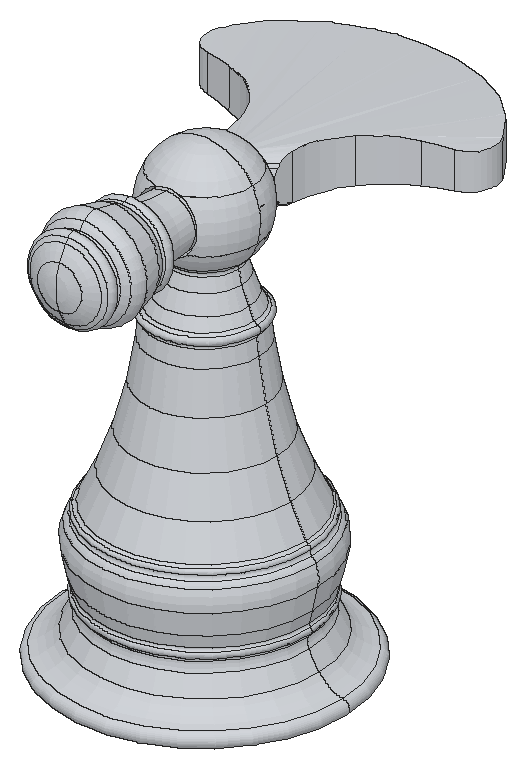
Revit family "Accessory-Robe_Hook-KOHLER-REVIVAL-K-16146T_1", category Specialty Equipment, host Face, Revit 2017
Family settings
  Host = Face
  Round Connector Dimension = Use Diameter
  Part Type = Normal
  OmniClass Number = 23.31.25.27
  OmniClass Title = Robe Hooks
  Cut with Voids When Loaded = No
  Shared = No
  Room Calculation Point = No
Parameters (values of type "CP-Polished Chrome")
  Width = 2 73/256"  # constant formula
  WaterSense Certified = 1 = 0  # no
  URL = "http://www.kohler.com.cn/"
  Type = 1
  Product Page URL = "https://www.kohler.com.cn/product/K-16146T-CP/K-16146T-CP/"
  Product Name = "REVIVAL"  # constant formula
  Product Documentation Link = "https://files.kohler.com.cn/pdfs/k_16140t_116152t_revival.pdf"
  Model = if(Type = 1, "K-16146T-CP", if(Type = 2, "K-16146T-AF ", "NA"))  # "K-16146T-CP"
  Material = "Brass Construction"  # constant formula
  Master Format 2014 Name = "Toilet, Bath, and Laundry Accessories"  # constant formula
  Master Format 2014 = "10 28 00"  # constant formula
  Manufacturer Address = "158 Jiangchang 3rd Road Zhabei District Shanghai, 200436 China"  # constant formula
  Manufacturer = "KOHLER Co."  # constant formula
  Length = 3 23/32"  # constant formula
  Height = 3 41/64"  # constant formula
  Finish = Kohler-Metal-CP-Polished_Chrome
  Environmental Product Declaration = ""
  Description = "Hook"  # constant formula
  Default Elevation = 42"
  Declare Label = ""
  Date Modified = "06/17/2020"  # constant formula
  Date Created = "06/17/2020"  # constant formula
  Copyright = "Copyright KOHLER Co."  # constant formula
  Contact Us = "http://www.kohler.com.cn/en/contact/contact-us/"
  Assembly Code = "C1030200"
  ADA Compliant = 1 = 0  # no
Types (3): name | Type | Product Page URL | Model | Finish
  (no name) | 1 | "https://www.kohler.com.cn/product/K-16146T-CP/K-16146T-CP/" | "K-16146T-CP" | Kohler-Metal-CP-Polished_Chrome
  CP-Polished Chrome | 1 | "https://www.kohler.com.cn/product/K-16146T-CP/K-16146T-CP/" | "K-16146T-CP" | Kohler-Metal-CP-Polished_Chrome
  AF-Flange Gold | 2 | "https://www.kohler.com.cn/product/K-16146T-CP/K-16146T-AF/" | "K-16146T-AF " | Kohler-Metal-AF-Flange_Gold
Reference planes (in)
  plane 1 "Center (Front/Back)": y = 0
  plane 2: z = 0
  plane 3 "Center (Left/Right)": x = 0
  plane 4: y = 2.18898
  plane 5: x = -1.14173
  plane 6: x = 1.14342
  plane 7: y = 1.14173
  plane 8: y = -1.14173
  plane 9: y = -1.45165
  plane 10: z = 3.27953
  plane 11: z = 3.71875
  plane 12: z = 2.84031
  plane 13: z = 0.12
Dimensions and locks (in)
  plane 1 "Center (Front/Back)" to plane 4 = 2.18898"
  "Height": plane 4 to plane 9
  "Width": plane 5 to plane 6
  "Length": plane 11 to level
  locked: plane 8 to plane 7 at 2.28346
  aligned and locked: plane 2 to host face
  aligned and locked: level to host face
  aligned and locked: plane 3 "Center (Left/Right)" to nested 1
  aligned and locked: plane 1 "Center (Front/Back)" to nested 1
Automatic sketch dimensions
  host sketch curve to host sketch curve = 96"  (x2)
Nested families (in)
  nested 1: "K-16146T" at (0, 0, 0), type "K-16146T"
Definition of nested family "K-16146T"
  Parameters (values of type "K-16146T")
    Material = none
  Reference planes (in)
    plane 1 "Center (Front/Back)": y = 0
    plane 2: z = 0
    plane 3 "Center (Left/Right)": x = 0
    plane 4: z = 3.72047
    plane 5: y = 2.18898
    plane 6: y = -1.45276
    plane 7: z = 3.27953
    plane 8: y = 1.14173
    plane 9: y = -1.14173
    plane 10: x = 1.14173
    plane 11: x = -1.14173
  Forms (in)
    Revolve 1, solid, material <- "Material", detail levels medium+fine
      sketch origin (0, 0, 0) x (1, 0, 0) y (0, 0, 1)
        loop
          line (0, 0) -> (0, 3.72047)
          arc (0, 3.72047) -> (-0.21858, 3.66205) -> (-0.37887, 3.50235) r 0.4381
          arc (-0.37887, 3.50235) -> (-0.4418, 3.30839) -> (-0.41924, 3.10573) r 0.48388
          arc (-0.41924, 3.10573) -> (-0.37806, 3.01967) -> (-0.31714, 2.94625) r 0.38833
          arc (-0.31714, 2.94625) -> (-0.29665, 2.92729) -> (-0.27585, 2.90868) r 1.6648
          arc (-0.27585, 2.90868) -> (-0.26603, 2.89316) -> (-0.26615, 2.8748) r 0.03264
          arc (-0.26615, 2.8748) -> (-0.28064, 2.82565) -> (-0.29472, 2.77638) r 5.92659
          arc (-0.29472, 2.77638) -> (-0.31787, 2.70703) -> (-0.34763, 2.64024) r 0.75564
          arc (-0.34763, 2.64024) -> (-0.36952, 2.59534) -> (-0.39018, 2.54986) r 1.81731
          arc (-0.39018, 2.54986) -> (-0.40036, 2.53627) -> (-0.41552, 2.52861) r 0.0372
          arc (-0.41552, 2.52861) -> (-0.438, 2.50476) -> (-0.42526, 2.47456) r 0.03002
          arc (-0.42526, 2.47456) -> (-0.41433, 2.46169) -> (-0.41166, 2.44502) r 0.03135
          arc (-0.41166, 2.44502) -> (-0.41953, 2.3793) -> (-0.42809, 2.31366) r 6.26405
          arc (-0.42809, 2.31366) -> (-0.45202, 2.15305) -> (-0.48011, 1.99312) r 6.26405
          arc (-0.48011, 1.99312) -> (-0.51933, 1.82256) -> (-0.57181, 1.65561) r 2.23034
          arc (-0.57181, 1.65561) -> (-0.62402, 1.51384) -> (-0.6788, 1.37304) r 8.32302
          arc (-0.6788, 1.37304) -> (-0.733, 1.25151) -> (-0.79661, 1.13463) r 1.68754
          arc (-0.79661, 1.13463) -> (-0.80667, 1.1226) -> (-0.81997, 1.1143) r 0.04969
          arc (-0.81997, 1.1143) -> (-0.83464, 1.09945) -> (-0.8345, 1.07858) r 0.02727
          arc (-0.8345, 1.07858) -> (-0.83315, 1.05829) -> (-0.8446, 1.0415) r 0.03113
          arc (-0.8446, 1.0415) -> (-0.86346, 1.02319) -> (-0.87694, 1.00063) r 0.10072
          arc (-0.87694, 1.00063) -> (-0.89811, 0.9228) -> (-0.89661, 0.84215) r 0.28474
          arc (-0.89661, 0.84215) -> (-0.87982, 0.75127) -> (-0.85905, 0.66122) r 2.10532
          arc (-0.85905, 0.66122) -> (-0.8449, 0.61059) -> (-0.82834, 0.5607) r 1.097
          arc (-0.82834, 0.5607) -> (-0.82757, 0.54542) -> (-0.83541, 0.53229) r 0.02638
          arc (-0.83541, 0.53229) -> (-0.84498, 0.50744) -> (-0.83081, 0.4849) r 0.02972
          arc (-0.83081, 0.4849) -> (-0.81955, 0.4738) -> (-0.81445, 0.45884) r 0.03431
          arc (-0.81445, 0.45884) -> (-0.81584, 0.41854) -> (-0.82756, 0.37997) r 0.15522
          arc (-0.82756, 0.37997) -> (-0.86346, 0.30925) -> (-0.90549, 0.242) r 0.89269
          arc (-0.90549, 0.242) -> (-0.98713, 0.16209) -> (-1.09287, 0.11885) r 0.29751
          arc (-1.09287, 0.11885) -> (-1.14182, 0.05995) -> (-1.09417, 0) r 0.06071
          line (-1.09417, 0) -> (0, 0)
        axis (0, 3.72047) -> (0, 0)
      angle from 0 to 360
    Extrusion 2, void
      sketch origin (0, 0, 0) x (1, 0, 0) y (0, 0, 1)
        loop
          circle (0, 3.28043) r 0.24005
      from -0.45704 to 0.43897
    Revolve 3, solid, material <- "Material", detail levels medium+fine
      sketch origin (0, 0, 3.28037) x (0, 0, -1) y (0, 1, 0)
        loop
          line (0.22352, 0.37755) -> (0.00084, 0.37755) -> (0.00084, -1.46727)
          arc (0.00084, -1.46727) -> (0.089, -1.45887) -> (0.17398, -1.43397) r 0.46666
          arc (0.17398, -1.43397) -> (0.23154, -1.40626) -> (0.28478, -1.37095) r 0.46666
          arc (0.28478, -1.37095) -> (0.30106, -1.35923) -> (0.31801, -1.34851) r 0.3336
          arc (0.31801, -1.34851) -> (0.34167, -1.30488) -> (0.31433, -1.26345) r 0.04827
          arc (0.31433, -1.26345) -> (0.30325, -1.24603) -> (0.314, -1.2284) r 0.01953
          arc (0.314, -1.2284) -> (0.34163, -1.2113) -> (0.36587, -1.18968) r 0.18658
          arc (0.36587, -1.18968) -> (0.39734, -1.134) -> (0.39941, -1.07007) r 0.13401
          arc (0.39941, -1.07007) -> (0.37776, -0.97799) -> (0.35197, -0.88698) r 2.10084
          arc (0.35197, -0.88698) -> (0.33873, -0.8524) -> (0.32096, -0.81991) r 0.27556
          arc (0.32096, -0.81991) -> (0.3172, -0.80286) -> (0.32531, -0.78741) r 0.02543
          arc (0.32531, -0.78741) -> (0.33733, -0.73294) -> (0.28991, -0.70356) r 0.04823
          arc (0.28991, -0.70356) -> (0.27501, -0.69937) -> (0.26595, -0.68682) r 0.02348
          arc (0.26595, -0.68682) -> (0.23236, -0.53327) -> (0.22161, -0.37645) r 1.07036
          arc (0.22161, -0.37645) -> (0.22305, 0.00054) -> (0.22352, 0.37755) r 147.88318
        axis (0.00084, 0.37755) -> (0.00084, -1.46727)
      angle from 0 to 360
    Blend 4, solid, material <- "Material", detail levels medium+fine
      base sketch origin (0, 0, 0) x (1, 0, 0) y (0, 0, 1)
        loop
          arc (0.18785, 3.39194) -> (0.17852, 3.40547) -> (0.16822, 3.41828) r 0.22268
          arc (0.16822, 3.41828) -> (0.00045, 3.49505) -> (-0.16763, 3.41896) r 0.22268
          arc (-0.16763, 3.41896) -> (-0.17825, 3.40584) -> (-0.18785, 3.39194) r 0.22268
          arc (-0.18785, 3.39194) -> (-0.22256, 3.27953) -> (-0.19514, 3.16511) r 0.22268
          arc (-0.19514, 3.16511) -> (-0.18382, 3.1467) -> (-0.17077, 3.12947) r 0.22268
          arc (-0.17077, 3.12947) -> (0.00114, 3.0497) -> (0.17223, 3.13122) r 0.22268
          arc (0.17223, 3.13122) -> (0.18446, 3.14764) -> (0.19514, 3.16511) r 0.22268
          arc (0.19514, 3.16511) -> (0.22256, 3.27953) -> (0.18785, 3.39194) r 0.22268
      top sketch origin (0, 0, 0) x (1, 0, 0) y (0, 0, 1)
        loop
          line (2.2103, 3.4068) -> (-2.21039, 3.4068)
          arc (-2.21039, 3.4068) -> (-2.24913, 3.39319) -> (-2.27085, 3.35834) r 0.06195
          arc (-2.27085, 3.35834) -> (-2.27955, 3.28004) -> (-2.2711, 3.20172) r 0.36213
          arc (-2.2711, 3.20172) -> (-2.24862, 3.16546) -> (-2.20838, 3.15128) r 0.06422
          line (-2.20838, 3.15128) -> (2.20914, 3.15128)
          arc (2.20914, 3.15128) -> (2.24873, 3.1652) -> (2.27091, 3.20082) r 0.06328
          arc (2.27091, 3.20082) -> (2.27955, 3.27953) -> (2.27088, 3.35823) r 0.36213
          arc (2.27088, 3.35823) -> (2.24912, 3.39316) -> (2.2103, 3.4068) r 0.06207
      from -0.37755 to -2.2461
    Extrusion 5, void
      sketch origin (0, 0, 0) x (1, 0, 0) y (0, 1, 0)
        loop
          arc (0.97813, 1.25335) -> (0.86767, 1.22588) -> (0.75918, 1.19145) r 1.79201
          arc (0.75918, 1.19145) -> (0.57397, 1.09998) -> (0.41574, 0.9672) r 0.86477
          arc (0.41574, 0.9672) -> (0.29348, 0.77726) -> (0.24638, 0.55634) r 0.62757
          arc (0.24638, 0.55634) -> (0.24232, 0.46685) -> (0.23536, 0.37755) r 2.75548
          line (0.23536, 0.37755) -> (2.34028, 0.37755) -> (2.34028, 2.48947) -> (-2.40972, 2.48947) -> (-2.40972, 0.37755) -> (-0.23536, 0.37755)
          arc (-0.23536, 0.37755) -> (-0.24232, 0.46685) -> (-0.24638, 0.55634) r 2.75548
          arc (-0.24638, 0.55634) -> (-0.29348, 0.77726) -> (-0.41574, 0.9672) r 0.62757
          arc (-0.41574, 0.9672) -> (-0.57397, 1.09998) -> (-0.75918, 1.19145) r 0.86477
          arc (-0.75918, 1.19145) -> (-0.8698, 1.22648) -> (-0.98247, 1.25428) r 1.79201
          arc (-0.98247, 1.25428) -> (-1.12215, 1.36541) -> (-1.11746, 1.54385) r 0.20001
          arc (-1.11746, 1.54385) -> (-1.09579, 1.58381) -> (-1.07349, 1.62343) r 2.87185
          arc (-1.07349, 1.62343) -> (-0.9565, 1.78505) -> (-0.80809, 1.91842) r 0.94232
          arc (-0.80809, 1.91842) -> (-0.67214, 2.00844) -> (-0.52925, 2.08698) r 1.982
          arc (-0.52925, 2.08698) -> (-0.38819, 2.1423) -> (-0.23964, 2.17216) r 0.86505
          arc (-0.23964, 2.17216) -> (-0.11999, 2.183) -> (0, 2.18898) r 2.95807
          arc (0, 2.18898) -> (0.6463, 2.02821) -> (1.11493, 1.55498) r 1.23401
          arc (1.11493, 1.55498) -> (1.12248, 1.36972) -> (0.97813, 1.25335) r 0.20612
      from 2.86225 to 3.7692
    Revolve 6, solid, material <- "Material", detail levels coarse
      sketch origin (0, 0, 0) x (0, 1, 0) y (0, 0, 1)
        loop
          line (0, 0) -> (0, 3.72047) -> (-0.42526, 3.72047) -> (-0.42526, 2.52431) -> (-1.14173, 0) -> (0, 0)
        axis (0, 3.72047) -> (0, 0)
      angle from 0 to 360
    Revolve 7, solid, material <- "Material", detail levels coarse
      sketch origin (0, 0, 3.27956) x (1, 0, 0) y (0, 1, 0)
        loop
          line (0, -1.46727) -> (0.40019, -1.46727) -> (0.40019, -1.09573) -> (0.33711, -0.73799) -> (0.22476, -0.10082) -> (0, -0.10082) -> (0, -1.46727)
        axis (0, -0.10082) -> (0, -1.46727)
      angle from 0 to 360
    Extrusion 8, solid, material <- "Material", detail levels coarse
      sketch origin (0, 0, 0) x (1, 0, 0) y (0, 1, 0)
        loop
          line (0, 2.18898) -> (-1.14062, 2.18898) -> (-1.14062, 1.07706) -> (-0.49724, 1.07706) -> (-0.13682, 0.1588) -> (0.13682, 0.1588) -> (0.49724, 1.07706) -> (1.14063, 1.07706) -> (1.14063, 2.18898) -> (0, 2.18898)
      from 3.06357 to 3.49847
  Cuts and joins
    Extrusion 2 cuts Revolve 1
    Extrusion 5 cuts Blend 4
    joined: Revolve 1, Blend 4
    joined: Revolve 6, Revolve 7, Extrusion 8
  Lines and regions (in)
    Masking region 1
      outline origin (0, 0, 0) x (1, 0, 0) y (0, 0, 1)
        loop
          line (-0.75918, 3.43869) -> (-1.14173, 3.4237) -> (-1.14173, 3.13543) -> (-0.86978, 3.12564) -> (-0.40137, 3.1011)
          arc (-0.40137, 3.1011) -> (-0.34615, 3.00814) -> (-0.26984, 2.93155) r 0.4381
          arc (-0.26984, 2.93155) -> (-0.25929, 2.91634) -> (-0.25919, 2.89784) r 0.03125
          arc (-0.25919, 2.89784) -> (-0.27728, 2.8372) -> (-0.29472, 2.77638) r 5.92659
          arc (-0.29472, 2.77638) -> (-0.31787, 2.70703) -> (-0.34763, 2.64024) r 0.75564
          arc (-0.34763, 2.64024) -> (-0.36952, 2.59534) -> (-0.39018, 2.54986) r 1.81731
          arc (-0.39018, 2.54986) -> (-0.40036, 2.53627) -> (-0.41552, 2.52861) r 0.0372
          arc (-0.41552, 2.52861) -> (-0.438, 2.50476) -> (-0.42526, 2.47456) r 0.03002
          arc (-0.42526, 2.47456) -> (-0.41433, 2.46169) -> (-0.41166, 2.44502) r 0.03135
          arc (-0.41166, 2.44502) -> (-0.41953, 2.3793) -> (-0.42809, 2.31366) r 6.26405
          arc (-0.42809, 2.31366) -> (-0.45202, 2.15305) -> (-0.48011, 1.99312) r 6.26405
          arc (-0.48011, 1.99312) -> (-0.51933, 1.82256) -> (-0.57181, 1.65561) r 2.23034
          arc (-0.57181, 1.65561) -> (-0.62402, 1.51384) -> (-0.6788, 1.37304) r 8.32302
          arc (-0.6788, 1.37304) -> (-0.733, 1.25151) -> (-0.79661, 1.13463) r 1.68754
          arc (-0.79661, 1.13463) -> (-0.80667, 1.1226) -> (-0.81997, 1.1143) r 0.04969
          arc (-0.81997, 1.1143) -> (-0.83464, 1.09945) -> (-0.8345, 1.07858) r 0.02727
          arc (-0.8345, 1.07858) -> (-0.83315, 1.05829) -> (-0.8446, 1.0415) r 0.03113
          arc (-0.8446, 1.0415) -> (-0.86346, 1.02319) -> (-0.87694, 1.00063) r 0.10072
          arc (-0.87694, 1.00063) -> (-0.89811, 0.9228) -> (-0.89661, 0.84215) r 0.28474
          arc (-0.89661, 0.84215) -> (-0.87982, 0.75127) -> (-0.85905, 0.66122) r 2.10532
          arc (-0.85905, 0.66122) -> (-0.8449, 0.61059) -> (-0.82834, 0.5607) r 1.097
          arc (-0.82834, 0.5607) -> (-0.82757, 0.54542) -> (-0.83541, 0.53229) r 0.02638
          arc (-0.83541, 0.53229) -> (-0.84498, 0.50744) -> (-0.83081, 0.4849) r 0.02972
          arc (-0.83081, 0.4849) -> (-0.81955, 0.4738) -> (-0.81445, 0.45884) r 0.03431
          arc (-0.81445, 0.45884) -> (-0.81584, 0.41854) -> (-0.82756, 0.37997) r 0.15522
          arc (-0.82756, 0.37997) -> (-0.86346, 0.30925) -> (-0.90549, 0.242) r 0.89269
          arc (-0.90549, 0.242) -> (-0.99158, 0.15923) -> (-1.10328, 0.11698) r 0.29751
          arc (-1.10328, 0.11698) -> (-1.13122, 0.09433) -> (-1.14173, 0.05994) r 0.06155
          arc (-1.14173, 0.05994) -> (-1.1284, 0.02168) -> (-1.09417, 0) r 0.06155
          line (-1.09417, 0) -> (0, 0) -> (1.09417, 0)
          arc (1.09417, 0) -> (1.1284, 0.02168) -> (1.14173, 0.05994) r 0.06155
          arc (1.14173, 0.05994) -> (1.13122, 0.09433) -> (1.10328, 0.11698) r 0.06155
          arc (1.10328, 0.11698) -> (0.99158, 0.15923) -> (0.90549, 0.242) r 0.29751
          arc (0.90549, 0.242) -> (0.86346, 0.30925) -> (0.82756, 0.37997) r 0.89269
          arc (0.82756, 0.37997) -> (0.81584, 0.41854) -> (0.81445, 0.45884) r 0.15522
          arc (0.81445, 0.45884) -> (0.81955, 0.4738) -> (0.83081, 0.4849) r 0.03431
          arc (0.83081, 0.4849) -> (0.84498, 0.50744) -> (0.83541, 0.53229) r 0.02972
          arc (0.83541, 0.53229) -> (0.82757, 0.54542) -> (0.82834, 0.5607) r 0.02638
          arc (0.82834, 0.5607) -> (0.8449, 0.61059) -> (0.85905, 0.66122) r 1.097
          arc (0.85905, 0.66122) -> (0.87982, 0.75127) -> (0.89661, 0.84215) r 2.10532
          arc (0.89661, 0.84215) -> (0.89811, 0.9228) -> (0.87694, 1.00063) r 0.28474
          arc (0.87694, 1.00063) -> (0.86346, 1.02319) -> (0.8446, 1.0415) r 0.10072
          arc (0.8446, 1.0415) -> (0.83315, 1.05829) -> (0.8345, 1.07858) r 0.03113
          arc (0.8345, 1.07858) -> (0.83464, 1.09945) -> (0.81997, 1.1143) r 0.02727
          arc (0.81997, 1.1143) -> (0.80667, 1.1226) -> (0.79661, 1.13463) r 0.04969
          arc (0.79661, 1.13463) -> (0.733, 1.25151) -> (0.6788, 1.37304) r 1.68754
          arc (0.6788, 1.37304) -> (0.62402, 1.51384) -> (0.57181, 1.65561) r 8.32302
          arc (0.57181, 1.65561) -> (0.51933, 1.82256) -> (0.48011, 1.99312) r 2.23034
          arc (0.48011, 1.99312) -> (0.45202, 2.15305) -> (0.42809, 2.31366) r 6.26405
          arc (0.42809, 2.31366) -> (0.41953, 2.3793) -> (0.41166, 2.44502) r 6.26405
          arc (0.41166, 2.44502) -> (0.41433, 2.46169) -> (0.42526, 2.47456) r 0.03135
          arc (0.42526, 2.47456) -> (0.438, 2.50476) -> (0.41552, 2.52861) r 0.03002
          arc (0.41552, 2.52861) -> (0.40036, 2.53627) -> (0.39018, 2.54986) r 0.0372
          arc (0.39018, 2.54986) -> (0.36952, 2.59534) -> (0.34763, 2.64024) r 1.81731
          arc (0.34763, 2.64024) -> (0.31787, 2.70703) -> (0.29472, 2.77638) r 0.75564
          arc (0.29472, 2.77638) -> (0.27728, 2.8372) -> (0.25919, 2.89784) r 5.92659
          arc (0.25919, 2.89784) -> (0.25929, 2.91634) -> (0.26984, 2.93155) r 0.03125
          arc (0.26984, 2.93155) -> (0.34615, 3.00814) -> (0.40137, 3.1011) r 0.4381
          line (0.40137, 3.1011) -> (0.86978, 3.12564) -> (1.14173, 3.13543) -> (1.14173, 3.4237) -> (0.75918, 3.43869)
          spline (0.75918, 3.43869) -> (0.72518, 3.44025) -> (0.69175, 3.44184) -> (0.65895, 3.44346) -> (0.62683, 3.44509) -> (0.59546, 3.44675) -> (0.56488, 3.44843) -> (0.53515, 3.45012) -> (0.50633, 3.45182) -> (0.47846, 3.45353) -> (0.45159, 3.45525) -> (0.42577, 3.45697) -> (0.40105, 3.45869)
          arc (0.40105, 3.45869) -> (0.23946, 3.64924) -> (0, 3.72047) r 0.4381
          arc (0, 3.72047) -> (-0.23946, 3.64924) -> (-0.40105, 3.45869) r 0.4381
          spline (-0.40105, 3.45869) -> (-0.42577, 3.45697) -> (-0.45159, 3.45525) -> (-0.47846, 3.45353) -> (-0.50633, 3.45182) -> (-0.53515, 3.45012) -> (-0.56488, 3.44843) -> (-0.59546, 3.44675) -> (-0.62683, 3.44509) -> (-0.65895, 3.44346) -> (-0.69175, 3.44184) -> (-0.72518, 3.44025) -> (-0.75918, 3.43869)
    Masking region 2
      outline origin (0, 0, 0) x (0, 1, 0) y (0, 0, 1)
        loop
          line (0, 0) -> (1.09417, 0)
          arc (1.09417, 0) -> (1.1284, 0.02165) -> (1.14173, 0.05988) r 0.06148
          arc (1.14173, 0.05988) -> (1.1311, 0.09445) -> (1.10287, 0.11705) r 0.06148
          arc (1.10287, 0.11705) -> (0.9914, 0.15934) -> (0.90549, 0.242) r 0.29751
          arc (0.90549, 0.242) -> (0.86346, 0.30925) -> (0.82756, 0.37997) r 0.89269
          arc (0.82756, 0.37997) -> (0.81584, 0.41854) -> (0.81445, 0.45884) r 0.15522
          arc (0.81445, 0.45884) -> (0.81955, 0.4738) -> (0.83081, 0.4849) r 0.03431
          arc (0.83081, 0.4849) -> (0.84498, 0.50744) -> (0.83541, 0.53229) r 0.02972
          arc (0.83541, 0.53229) -> (0.82757, 0.54542) -> (0.82834, 0.5607) r 0.02638
          arc (0.82834, 0.5607) -> (0.8449, 0.61059) -> (0.85905, 0.66122) r 1.097
          arc (0.85905, 0.66122) -> (0.87982, 0.75127) -> (0.89661, 0.84215) r 2.10532
          arc (0.89661, 0.84215) -> (0.89811, 0.9228) -> (0.87694, 1.00063) r 0.28474
          arc (0.87694, 1.00063) -> (0.86346, 1.02319) -> (0.8446, 1.0415) r 0.10072
          arc (0.8446, 1.0415) -> (0.83315, 1.05829) -> (0.8345, 1.07858) r 0.03113
          arc (0.8345, 1.07858) -> (0.83464, 1.09945) -> (0.81997, 1.1143) r 0.02727
          arc (0.81997, 1.1143) -> (0.80667, 1.1226) -> (0.79661, 1.13463) r 0.04969
          arc (0.79661, 1.13463) -> (0.733, 1.25151) -> (0.6788, 1.37304) r 1.68754
          arc (0.6788, 1.37304) -> (0.62402, 1.51384) -> (0.57181, 1.65561) r 8.32302
          arc (0.57181, 1.65561) -> (0.51933, 1.82256) -> (0.48011, 1.99312) r 2.23034
          arc (0.48011, 1.99312) -> (0.45202, 2.15305) -> (0.42809, 2.31366) r 6.26405
          arc (0.42809, 2.31366) -> (0.41953, 2.3793) -> (0.41166, 2.44502) r 6.26405
          arc (0.41166, 2.44502) -> (0.41433, 2.46169) -> (0.42526, 2.47456) r 0.03135
          arc (0.42526, 2.47456) -> (0.438, 2.50476) -> (0.41552, 2.52861) r 0.03002
          arc (0.41552, 2.52861) -> (0.40036, 2.53627) -> (0.39018, 2.54986) r 0.0372
          arc (0.39018, 2.54986) -> (0.36952, 2.59534) -> (0.34763, 2.64024) r 1.81731
          arc (0.34763, 2.64024) -> (0.31787, 2.70703) -> (0.29472, 2.77638) r 0.75564
          arc (0.29472, 2.77638) -> (0.27728, 2.8372) -> (0.25919, 2.89784) r 5.92659
          arc (0.25919, 2.89784) -> (0.25929, 2.91634) -> (0.26984, 2.93155) r 0.03125
          arc (0.26984, 2.93155) -> (0.3306, 2.98922) -> (0.37927, 3.0574) r 0.4381
          line (0.37927, 3.0574) -> (1.1875, 3.09445) -> (2.18898, 3.14282) -> (2.18898, 3.41349) -> (0.37862, 3.50278)
          arc (0.37862, 3.50278) -> (0.21837, 3.66217) -> (0, 3.72047) r 0.4381
          arc (0, 3.72047) -> (-0.2196, 3.66146) -> (-0.38004, 3.50032) r 0.4381
          arc (-0.38004, 3.50032) -> (-0.53394, 3.51149) -> (-0.68464, 3.54467) r 1.07036
          arc (-0.68464, 3.54467) -> (-0.69719, 3.55372) -> (-0.70138, 3.56863) r 0.02348
          arc (-0.70138, 3.56863) -> (-0.73076, 3.61605) -> (-0.78523, 3.60403) r 0.04823
          arc (-0.78523, 3.60403) -> (-0.80069, 3.59592) -> (-0.81773, 3.59968) r 0.02543
          arc (-0.81773, 3.59968) -> (-0.85022, 3.61745) -> (-0.88481, 3.63069) r 0.27556
          arc (-0.88481, 3.63069) -> (-0.97582, 3.65647) -> (-1.0679, 3.67813) r 2.10084
          arc (-1.0679, 3.67813) -> (-1.13182, 3.67606) -> (-1.1875, 3.64459) r 0.13401
          arc (-1.1875, 3.64459) -> (-1.20981, 3.61942) -> (-1.22725, 3.59065) r 0.18658
          arc (-1.22725, 3.59065) -> (-1.24522, 3.57969) -> (-1.2627, 3.59143) r 0.01953
          arc (-1.2627, 3.59143) -> (-1.30399, 3.62034) -> (-1.34851, 3.59673) r 0.04827
          arc (-1.34851, 3.59673) -> (-1.35923, 3.57978) -> (-1.37095, 3.5635) r 0.3336
          arc (-1.37095, 3.5635) -> (-1.4016, 3.51827) -> (-1.42672, 3.46976) r 0.46666
          arc (-1.42672, 3.46976) -> (-1.43302, 3.45322) -> (-1.43742, 3.43609) r 0.15767
          arc (-1.43742, 3.43609) -> (-1.44891, 3.35818) -> (-1.45276, 3.27953) r 0.80677
          arc (-1.45276, 3.27953) -> (-1.44891, 3.20087) -> (-1.43742, 3.12297) r 0.80677
          arc (-1.43742, 3.12297) -> (-1.43301, 3.10582) -> (-1.42671, 3.08927) r 0.15767
          arc (-1.42671, 3.08927) -> (-1.40158, 3.04081) -> (-1.37095, 2.99563) r 0.46666
          arc (-1.37095, 2.99563) -> (-1.35923, 2.97935) -> (-1.34851, 2.9624) r 0.3336
          arc (-1.34851, 2.9624) -> (-1.30399, 2.93878) -> (-1.2627, 2.9677) r 0.04827
          arc (-1.2627, 2.9677) -> (-1.24522, 2.97943) -> (-1.22725, 2.96848) r 0.01953
          arc (-1.22725, 2.96848) -> (-1.20981, 2.93971) -> (-1.1875, 2.91453) r 0.18658
          arc (-1.1875, 2.91453) -> (-1.13182, 2.88307) -> (-1.0679, 2.88099) r 0.13401
          arc (-1.0679, 2.88099) -> (-0.97582, 2.90265) -> (-0.88481, 2.92843) r 2.10084
          arc (-0.88481, 2.92843) -> (-0.85022, 2.94168) -> (-0.81773, 2.95944) r 0.27556
          arc (-0.81773, 2.95944) -> (-0.80069, 2.96321) -> (-0.78523, 2.95509) r 0.02543
          arc (-0.78523, 2.95509) -> (-0.73076, 2.94308) -> (-0.70138, 2.9905) r 0.04823
          arc (-0.70138, 2.9905) -> (-0.69719, 3.0054) -> (-0.68464, 3.01446) r 0.02348
          arc (-0.68464, 3.01446) -> (-0.53396, 3.04764) -> (-0.38008, 3.05881) r 1.07036
          arc (-0.38008, 3.05881) -> (-0.33113, 2.98983) -> (-0.26984, 2.93155) r 0.4381
          arc (-0.26984, 2.93155) -> (-0.25929, 2.91634) -> (-0.25919, 2.89784) r 0.03125
          arc (-0.25919, 2.89784) -> (-0.27728, 2.8372) -> (-0.29472, 2.77638) r 5.92659
          arc (-0.29472, 2.77638) -> (-0.31787, 2.70703) -> (-0.34763, 2.64024) r 0.75564
          arc (-0.34763, 2.64024) -> (-0.36952, 2.59534) -> (-0.39018, 2.54986) r 1.81731
          arc (-0.39018, 2.54986) -> (-0.40036, 2.53627) -> (-0.41552, 2.52861) r 0.0372
          arc (-0.41552, 2.52861) -> (-0.438, 2.50476) -> (-0.42526, 2.47456) r 0.03002
          arc (-0.42526, 2.47456) -> (-0.41433, 2.46169) -> (-0.41166, 2.44502) r 0.03135
          arc (-0.41166, 2.44502) -> (-0.41953, 2.3793) -> (-0.42809, 2.31366) r 6.26405
          arc (-0.42809, 2.31366) -> (-0.45202, 2.15305) -> (-0.48011, 1.99312) r 6.26405
          arc (-0.48011, 1.99312) -> (-0.51933, 1.82256) -> (-0.57181, 1.65561) r 2.23034
          arc (-0.57181, 1.65561) -> (-0.62402, 1.51384) -> (-0.6788, 1.37304) r 8.32302
          arc (-0.6788, 1.37304) -> (-0.733, 1.25151) -> (-0.79661, 1.13463) r 1.68754
          arc (-0.79661, 1.13463) -> (-0.80667, 1.1226) -> (-0.81997, 1.1143) r 0.04969
          arc (-0.81997, 1.1143) -> (-0.83464, 1.09945) -> (-0.8345, 1.07858) r 0.02727
          arc (-0.8345, 1.07858) -> (-0.83315, 1.05829) -> (-0.8446, 1.0415) r 0.03113
          arc (-0.8446, 1.0415) -> (-0.86346, 1.02319) -> (-0.87694, 1.00063) r 0.10072
          arc (-0.87694, 1.00063) -> (-0.89811, 0.9228) -> (-0.89661, 0.84215) r 0.28474
          arc (-0.89661, 0.84215) -> (-0.87982, 0.75127) -> (-0.85905, 0.66122) r 2.10532
          arc (-0.85905, 0.66122) -> (-0.8449, 0.61059) -> (-0.82834, 0.5607) r 1.097
          arc (-0.82834, 0.5607) -> (-0.82757, 0.54542) -> (-0.83541, 0.53229) r 0.02638
          arc (-0.83541, 0.53229) -> (-0.84498, 0.50744) -> (-0.83081, 0.4849) r 0.02972
          arc (-0.83081, 0.4849) -> (-0.81955, 0.4738) -> (-0.81445, 0.45884) r 0.03431
          arc (-0.81445, 0.45884) -> (-0.81584, 0.41854) -> (-0.82756, 0.37997) r 0.15522
          arc (-0.82756, 0.37997) -> (-0.86346, 0.30925) -> (-0.90549, 0.242) r 0.89269
          arc (-0.90549, 0.242) -> (-0.9914, 0.15934) -> (-1.10287, 0.11705) r 0.29751
          arc (-1.10287, 0.11705) -> (-1.1311, 0.09445) -> (-1.14173, 0.05988) r 0.06148
          arc (-1.14173, 0.05988) -> (-1.1284, 0.02165) -> (-1.09417, 0) r 0.06148
          line (-1.09417, 0) -> (0, 0)
    Masking region 3
      outline origin (0, 0, 0) x (1, 0, 0) y (0, 1, 0)
        loop
          arc (-0.39873, -1.06866) -> (-0.39639, -1.1322) -> (-0.36503, -1.1875) r 0.13401
          arc (-0.36503, -1.1875) -> (-0.33986, -1.20981) -> (-0.31108, -1.22725) r 0.18658
          arc (-0.31108, -1.22725) -> (-0.30013, -1.24522) -> (-0.31186, -1.2627) r 0.01953
          arc (-0.31186, -1.2627) -> (-0.34078, -1.30399) -> (-0.31717, -1.34851) r 0.04827
          arc (-0.31717, -1.34851) -> (-0.29373, -1.36372) -> (-0.27165, -1.38084) r 0.3336
          arc (-0.27165, -1.38084) -> (-0.21466, -1.4176) -> (-0.15021, -1.43866) r 0.26448
          arc (-0.15021, -1.43866) -> (-0.07543, -1.44922) -> (0, -1.45276) r 0.8071
          arc (0, -1.45276) -> (0.07543, -1.44922) -> (0.15021, -1.43866) r 0.8071
          arc (0.15021, -1.43866) -> (0.21466, -1.4176) -> (0.27165, -1.38084) r 0.26448
          arc (0.27165, -1.38084) -> (0.29373, -1.36372) -> (0.31717, -1.34851) r 0.3336
          arc (0.31717, -1.34851) -> (0.34078, -1.30399) -> (0.31186, -1.2627) r 0.04827
          arc (0.31186, -1.2627) -> (0.30013, -1.24522) -> (0.31108, -1.22725) r 0.01953
          arc (0.31108, -1.22725) -> (0.33986, -1.20981) -> (0.36503, -1.1875) r 0.18658
          arc (0.36503, -1.1875) -> (0.39639, -1.1322) -> (0.39873, -1.06866) r 0.13401
          arc (0.39873, -1.06866) -> (1.14085, -0.04491) -> (0.48162, 1.03409) r 1.14003
          arc (0.48162, 1.03409) -> (0.61163, 1.12717) -> (0.75802, 1.19145) r 0.77187
          arc (0.75802, 1.19145) -> (0.86941, 1.22436) -> (0.98218, 1.25217) r 2.55154
          arc (0.98218, 1.25217) -> (1.12277, 1.36798) -> (1.11214, 1.54982) r 0.20107
          arc (1.11214, 1.54982) -> (0.64071, 2.01783) -> (-0.00115, 2.18898) r 1.28915
          arc (-0.00115, 2.18898) -> (-0.64301, 2.01783) -> (-1.11444, 1.54982) r 1.28915
          arc (-1.11444, 1.54982) -> (-1.12507, 1.36798) -> (-0.98448, 1.25217) r 0.20107
          arc (-0.98448, 1.25217) -> (-0.87172, 1.22436) -> (-0.76033, 1.19145) r 2.55154
          arc (-0.76033, 1.19145) -> (-0.61348, 1.1269) -> (-0.48313, 1.03339) r 0.77187
          arc (-0.48313, 1.03339) -> (-1.14081, -0.04574) -> (-0.39873, -1.06866) r 1.14003
    symbolic lines, detail levels medium+fine
      curve 1: line (0.83101, 0, 0.48502) -> (-0.83101, 0, 0.48502)
      curve 2: line (-0.83541, 0, 0.53229) -> (0.83541, 0, 0.53229)
      curve 3: line (0.8345, 0, 1.07858) -> (-0.8345, 0, 1.07858)
      curve 4: line (-0.81997, 0, 1.1143) -> (0.81997, 0, 1.1143)
      curve 5: line (0.42526, 0, 2.47456) -> (-0.42526, 0, 2.47456)
      curve 6: line (0.41552, 0, 2.52861) -> (-0.41552, 0, 2.52861)
      curve 7: arc (0.05758, 0, 3.49609) -> (0.0113, 0, 3.49905) -> (-0.03507, 0, 3.49803) r 0.53881
      curve 8: line (1.14063, 0, 3.4219) -> (-1.14062, 0, 3.4219)
      curve 9: line (-1.14062, 0, 3.13708) -> (1.14063, 0, 3.13708)
      curve 10: arc (0.11879, 0, 3.48903) -> (0, 0, 3.52048) -> (-0.11879, 0, 3.48903) r 0.24005
      curve 11: line (0, -0.78523, 3.60403) -> (0, -0.78523, 2.95509)
      curve 12: line (0, -0.70138, 3.56863) -> (0, -0.70138, 2.9905)
      curve 13: line (0, -0.81773, 3.59968) -> (0, -0.81773, 2.95944)
      curve 14: line (0, 1.5301, 3.44599) -> (0, 1.5301, 3.111)
      curve 15: arc (-0.22638, -0.48754, 0) -> (-0.22185, -0.43073, 0) -> (-0.22049, -0.37377, 0) r 1.025
      curve 16: arc (-0.26598, -0.68621, 0) -> (-0.24174, -0.58776, 0) -> (-0.22638, -0.48754, 0) r 1.13479
      curve 17: arc (-0.28645, -0.70079, 0) -> (-0.27369, -0.69704, 0) -> (-0.26598, -0.68621, 0) r 0.02034
      curve 18: arc (-0.3232, -0.78738, 0) -> (-0.33496, -0.73129, 0) -> (-0.28645, -0.70079, 0) r 0.05015
      curve 19: arc (-0.31975, -0.81684, 0) -> (-0.31611, -0.80148, 0) -> (-0.3232, -0.78738, 0) r 0.02307
      curve 20: arc (-0.352, -0.88782, 0) -> (-0.33864, -0.85108, 0) -> (-0.31975, -0.81684, 0) r 0.25214
      curve 21: arc (-0.38156, -0.99506, 0) -> (-0.36685, -0.94143, 0) -> (-0.352, -0.88782, 0) r 22.93669
      curve 22: arc (0.22638, -0.48754, 0) -> (0.22185, -0.43073, 0) -> (0.22049, -0.37377, 0) r 1.025
      curve 23: arc (0.26598, -0.68621, 0) -> (0.24174, -0.58776, 0) -> (0.22638, -0.48754, 0) r 1.13479
      curve 24: arc (0.28645, -0.70079, 0) -> (0.27369, -0.69704, 0) -> (0.26598, -0.68621, 0) r 0.02034
      curve 25: arc (0.3232, -0.78738, 0) -> (0.33496, -0.73129, 0) -> (0.28645, -0.70079, 0) r 0.05015
      curve 26: arc (0.31975, -0.81684, 0) -> (0.31611, -0.80148, 0) -> (0.3232, -0.78738, 0) r 0.02307
      curve 27: arc (0.352, -0.88782, 0) -> (0.33864, -0.85108, 0) -> (0.31975, -0.81684, 0) r 0.25214
      curve 28: arc (0.38156, -0.99506, 0) -> (0.36685, -0.94143, 0) -> (0.352, -0.88782, 0) r 22.93669
      curve 29: line (-0.23985, -0.37377, 0) -> (0.23985, -0.37377, 0)
      curve 30: arc (0.23985, -0.37377, 0) -> (0.44409, 0.00354, 0) -> (0.23385, 0.37755, 0) r 0.4441
      curve 31: arc (0.33303, -0.83954, 0) -> (0.90315, -0.00674, 0) -> (0.34553, 0.83447, 0) r 0.90318
      curve 32: arc (0.33235, -0.77574, 0) -> (0.84391, 0.00684, 0) -> (0.31974, 0.78102, 0) r 0.84394
      curve 33: line (-0.23385, 0.37755, 0) -> (0.23385, 0.37755, 0)
      curve 34: arc (-0.23385, 0.37755, 0) -> (-0.44409, 0.00354, 0) -> (-0.23985, -0.37377, 0) r 0.4441
      curve 35: arc (-0.34553, 0.83447, 0) -> (-0.90315, -0.00674, 0) -> (-0.33303, -0.83954, 0) r 0.90318
      curve 36: arc (-0.31974, 0.78102, 0) -> (-0.84391, 0.00684, 0) -> (-0.33235, -0.77574, 0) r 0.84394
      curve 37: line (-0.28645, -0.70079, 0) -> (0.28645, -0.70079, 0)
      curve 38: line (-0.3232, -0.78738, 0) -> (0.3232, -0.78738, 0)
      curve 39: line (-1.08742, 0, 0.12) -> (1.08742, 0, 0.12)
      curve 40: arc (-0.39895, -1.06976, 0) -> (-0.39096, -1.03225, 0) -> (-0.38156, -0.99506, 0) r 1.01734
      curve 41: arc (0.39895, -1.06976, 0) -> (0.39096, -1.03225, 0) -> (0.38156, -0.99506, 0) r 1.01734
      curve 42: arc (-0.48228, 1.03365, 0) -> (-0.29804, 0.72833, 0) -> (-0.23385, 0.37755, 0) r 0.99062
      curve 43: arc (0.48228, 1.03365, 0) -> (0.29804, 0.72833, 0) -> (0.23385, 0.37755, 0) r 0.99062
      curve 44: line (-0.31108, -1.22725, 0) -> (0.31108, -1.22725, 0)
      curve 45: line (-0.31186, -1.2627, 0) -> (0.31186, -1.2627, 0)
      curve 46: line (0, -1.2627, 3.59143) -> (0, -1.2627, 2.9677)
      curve 47: line (0, -1.22725, 2.96848) -> (0, -1.22725, 3.59065)
      curve 48: arc (0, 0.37927, 3.0574) -> (0, 0.43887, 3.28018) -> (0, 0.37862, 3.50278) r 0.44376
      curve 49: arc (0, -0.38004, 3.50032) -> (0, -0.43886, 3.27957) -> (0, -0.38008, 3.05881) r 0.44382
      curve 50: arc (0, 0.26984, 2.93155) -> (0, 0, 2.83818) -> (0, -0.26984, 2.93155) r 0.43661
      curve 51: line (0, 0.41552, 2.52861) -> (0, -0.41552, 2.52861)
      curve 52: line (0, 0.42526, 2.47456) -> (0, -0.42526, 2.47456)
      curve 53: line (0, 0.81997, 1.1143) -> (0, -0.81997, 1.1143)
      curve 54: line (0, 0.8345, 1.07858) -> (0, -0.8345, 1.07858)
      curve 55: line (0, 0.83541, 0.53229) -> (0, -0.83541, 0.53229)
      curve 56: line (0, 0.83081, 0.4849) -> (0, -0.83081, 0.4849)
      curve 57: line (0, 1.09287, 0.11885) -> (0, -1.09287, 0.11885)
      curve 58: line (-0.40105, 0, 3.45869) -> (-0.03507, 0, 3.49803)
      curve 59: line (0.40105, 0, 3.45869) -> (0.03507, 0, 3.49803)
      curve 60: arc (0.05758, 0, 3.06297) -> (0.0113, 0, 3.06) -> (-0.03507, 0, 3.06102) r 0.53881
      curve 61: arc (0.11879, 0, 3.07002) -> (0, 0, 3.03857) -> (-0.11879, 0, 3.07002) r 0.24005
      curve 62: line (-0.40105, 0, 3.10036) -> (-0.03507, 0, 3.06102)
      curve 63: line (0.40105, 0, 3.10036) -> (0.03507, 0, 3.06102)
      curve 64: arc (-0.26984, 0, 2.93155) -> (0, 0, 2.83808) -> (0.26984, 0, 2.93155) r 0.43625
  Dimensions and locks (in)
    plane 4 to level = 3.72047"
    plane 7 to level = 3.27953"
    plane 9 to plane 8 = 2.28346"
    plane 11 to plane 10 = 2.28346"  (x2)
    plane 1 "Center (Front/Back)" to plane 5 = 2.18898"
    plane 6 to plane 5 = 3.64173"
    aligned and locked: plane 2 to level
